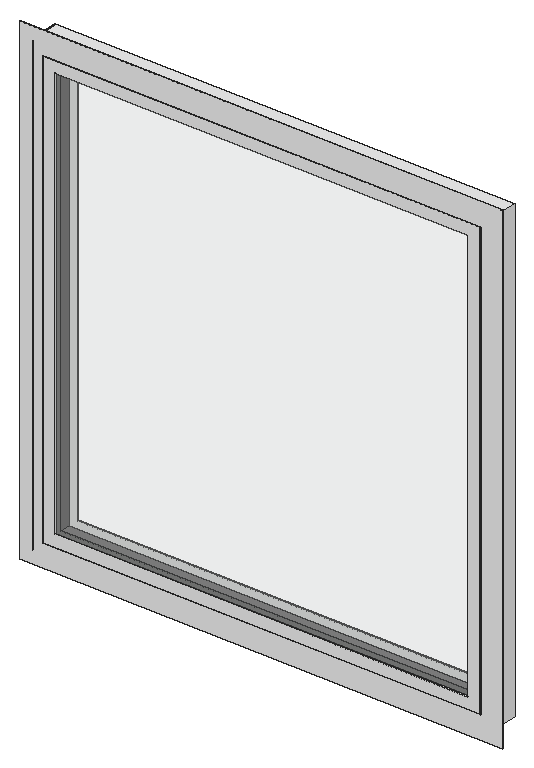
Revit family "Casement_36_F_Top_Hung_Custom", category Windows, host Wall, Revit 2014
Parameters (values of type "Casement_Sash_DG")
  Width Sash [instance] = 30 mm
  Width Sash Inner = 15 mm
  Width Bead = 15 mm
  Top Hung [instance] = yes
  Side Hung Right [instance] = yes
  Side Hung Left [instance] = yes
  Sash Opening Width [instance] = 600 mm
  Sash Opening Height [instance] = 600.312 mm
  Sash Lip = 15 mm
  Glazing Material [instance] = Glass
  DG Start Piece 2 [instance] = DG End Piece 1 + DG Gasket Thickness  # 25 mm
  DG Start Peice 1 [instance] = (Depth Sash - (2 * DG Glazing Thickness) - DG Gasket Thickness) / 2  # 6.6 mm
  Glazing Offset = 5 mm
  DG Glazing Thickness [instance] = 6.4 mm
  DG Gasket Thickness = 12 mm  # constant formula
  DG Gasket Material [instance] = Double Glazing Gasket Material
  DG End Piece 2 [instance] = DG Start Piece 2 + DG Glazing Thickness  # 31.4 mm
  DG End Piece 1 [instance] = DG Start Peice 1 + DG Glazing Thickness  # 13 mm
  Depth Sash [instance] = 38 mm
  Center Vertical Sash [instance] = Sash Opening Height / 2  # 300.156 mm
  Center Horizontal Sash [instance] = Sash Opening Width / 2  # 300 mm
  Bottom Hung [instance] = yes
  Bead Offset = 15 mm
  Aluminium Thickness = 1 mm
  Aluminium Material [instance] = White Powder Coated Aluminium
Reference planes
  plane 1 "Center (Front/Back)": y = 0
  plane 2: z = 0
  plane 3 "Center (Left/Right)": x = 0
Forms (mm)
  Sweep 1, solid, material "White Powder Coated Aluminium" <- "Aluminium Material"
    path origin (16.177, 0, 121.331) x (1, 0, 0) y (0, 0, 1)
      loop
        line (0, 0) -> (600, 0) -> (600, 600.312) -> (0, 600.312) -> (0, 0)
    profile origin (316.177, 0, 121.331) x (0, 0, 1) y (0, -1, 0)
      loop
        line (0, 0) -> (30, 0) -> (30, 1) -> (15, 1) -> (15, 38) -> (-15, 38) -> (-15, 37) -> (0, 37) -> (0, 0)
      loop
        line (14, 1) -> (14, 37) -> (1, 37) -> (1, 1) -> (14, 1)
  Sweep 2, solid, material "White Powder Coated Aluminium" <- "Aluminium Material"
    path origin (0, 0, 0) x (1, 0, 0) y (0, 0, 1)
      loop
        line (31.177, 706.643) -> (31.177, 136.331) -> (601.177, 136.331) -> (601.177, 706.643) -> (31.177, 706.643)
    profile origin (316.177, 0, 706.643) x (0, 0, 1) y (0, -1, 0)
      loop
        line (0, 37) -> (0, 38) -> (-15, 38) -> (-15, 37) -> (0, 37)
  Extrusion 3, solid, material "Glass" <- "Glazing Material"
    sketch origin (0, 0, 0) x (1, 0, 0) y (0, 0, 1)
      loop
        line (36.177, 701.643) -> (36.177, 141.331) -> (596.177, 141.331) -> (596.177, 701.643) -> (36.177, 701.643)
    from 6.6 <- "DG Start Peice 1" to 13 <- "DG End Piece 1"
  Extrusion 4, solid, material "Glass" <- "Glazing Material"
    sketch origin (0, 0, 0) x (1, 0, 0) y (0, 0, 1)
      loop
        line (36.177, 701.643) -> (36.177, 141.331) -> (596.177, 141.331) -> (596.177, 701.643) -> (36.177, 701.643)
    from 31.4 <- "DG End Piece 2" to 25 <- "DG Start Piece 2"
  Sweep 5, solid, material "Double Glazing Gasket Material" <- "DG Gasket Material"
    path origin (0, -13, 0) x (1, 0, 0) y (0, 0, 1)
      loop
        line (36.177, 701.643) -> (36.177, 141.331) -> (596.177, 141.331) -> (596.177, 701.643) -> (36.177, 701.643)
    profile origin (316.177, -13, 701.643) x (0, 0, 1) y (0, -1, 0)
      loop
        line (0, 0) -> (0, 12) -> (-7.96, 12) -> (-7.96, 0) -> (0, 0)
Lines and regions (mm)
  model lines
    curve 1: line (1.177, -38, 736.643) -> (31.177, -38, 706.643)
    curve 2: line (601.177, -38, 706.643) -> (631.177, -38, 736.643)
    curve 3: line (601.177, -38, 136.331) -> (631.177, -38, 106.331)
    curve 4: line (1.177, -38, 106.331) -> (31.177, -38, 136.331)
    curve 5: line (631.177, -37, 736.643) -> (616.177, -37, 721.643)
    curve 6: line (1.177, -37, 736.643) -> (16.177, -37, 721.643)
    curve 7: line (1.177, -37, 106.331) -> (16.177, -37, 121.331)
    curve 8: line (631.177, -37, 106.331) -> (616.177, -37, 121.331)
    curve 9: line (616.177, 0, 121.331) -> (586.177, 0, 151.331)
    curve 10: line (46.177, 0, 151.331) -> (16.177, 0, 121.331)
    curve 11: line (616.177, 0, 721.643) -> (586.177, 0, 691.643)
    curve 12: line (46.177, 0, 691.643) -> (16.177, 0, 721.643)
    curve 13: line (31.177, -38, 691.643) -> (46.177, -38, 691.643)
    curve 14: line (586.177, -38, 691.643) -> (601.177, -38, 691.643)
    curve 15: line (586.177, -38, 151.331) -> (601.177, -38, 151.331)
    curve 16: line (31.177, -38, 151.331) -> (46.177, -38, 151.331)
  model lines, style "GenericModelHiddenLines", visible <- "Top Hung"
    curve 17: line (46.386, -31.4, 690.914) -> (316.177, -31.4, 151.331)
    curve 18: line (316.177, -31.4, 151.331) -> (586.177, -31.4, 691.331)
  model lines, style "GenericModelHiddenLines", visible <- "Bottom Hung"
    curve 19: line (46.177, -31.4, 151.331) -> (316.177, -31.4, 691.331)
    curve 20: line (316.177, -31.4, 691.331) -> (586.177, -31.4, 151.331)
  model lines, style "GenericModelHiddenLines", visible <- "Side Hung Left"
    curve 21: line (46.386, -31.4, 690.914) -> (585.24, -31.4, 421.487)
    curve 22: line (585.24, -31.4, 421.487) -> (46.177, -31.4, 151.331)
  model lines, style "GenericModelHiddenLines", visible <- "Side Hung Right"
    curve 23: line (586.177, -31.4, 691.331) -> (46.177, -31.4, 421.487)
    curve 24: line (46.177, -31.4, 421.487) -> (586.177, -31.4, 151.331)
Dimensions and locks
  "Aluminium Thickness": Sweep 1 sketch curve to Sweep 1 sketch curve  (x4)
  "Depth Sash": Sweep 1 sketch curve to Sweep 1 sketch curve
  "Sash Opening Width": Sweep 1 to Sweep 1
  "Sash Opening Height": Sweep 1 to Sweep 1
  "Width Sash": Sweep 1 sketch curve to Sweep 1 sketch curve  (x2)
  "Width Sash Inner": Sweep 1 sketch curve to Sweep 1 sketch curve
  "Sash Lip": Sweep 1 sketch curve to Sweep 1 sketch curve
  "Aluminium Thickness": Sweep 1 to Sweep 2 sketch curve
  "Glazing Offset": Sweep 2 to Extrusion 3 sketch curve  (x3)
  "Glazing Offset": Extrusion 3 sketch curve to Sweep 2
  Sweep 1 to Sweep 1 = 1 mm
  "Aluminium Thickness": Sweep 2 sketch curve to Sweep 2 sketch curve
  "Width Bead": Sweep 2 sketch curve to Sweep 2 sketch curve
  locked: Sweep 5 sketch curve to Sweep 5 sketch curve at 7.96
  "Center Horizontal Sash": Sweep 1 to curve 18
  "Center Horizontal Sash": Sweep 1 to curve 20
  "Center Vertical Sash": Sweep 1 to curve 22
  "Center Vertical Sash": Sweep 1 to curve 24
  aligned and locked: level to plane 2
  aligned and locked: Sweep 1 sketch curve to Sweep 1 sketch curve  (x2)
  aligned and locked: Sweep 2 sketch curve to Sweep 1  (x5)
  aligned and locked: Extrusion 4 sketch curve to Extrusion 3  (x4)
  aligned and locked: Sweep 5 sketch curve to Extrusion 3  (x5)
  aligned and locked: Extrusion 3 to Sweep 5 sketch curve
Automatic sketch dimensions
  plane 3 "Center (Left/Right)" to Sweep 1 sketch curve = 16.177 mm
  level to Sweep 1 sketch curve = 121.331 mm
  plane 3 "Center (Left/Right)" to Sweep 1 sketch curve = 616.177 mm
  level to Sweep 1 sketch curve = 721.643 mm
  profile plane to Sweep 5 sketch curve = 12 mm
  curve 7 to Sweep 1 = 0 mm  (x4)
  curve 6 to Sweep 1 = 0 mm  (x3)
  Sweep 1 to curve 6 = 0 mm
  curve 5 to Sweep 1 = 0 mm  (x3)
  curve 8 to Sweep 1 = 0 mm  (x4)
  Sweep 1 to curve 5 = 0 mm
  curve 16 to Sweep 2 = 0 mm  (x3)
  curve 13 to Sweep 2 = 0 mm  (x3)
  curve 15 to Sweep 2 = 0 mm
  Sweep 2 to curve 15 = 0 mm  (x2)
  curve 14 to Sweep 2 = 0 mm  (x2)
  Sweep 2 to curve 14 = 0 mm
  curve 1 to Sweep 1 = 0 mm  (x4)
  curve 4 to Sweep 1 = 0 mm  (x3)
  Sweep 1 to curve 4 = 0 mm
  curve 3 to Sweep 1 = 0 mm  (x3)
  curve 2 to Sweep 1 = 0 mm  (x4)
  Sweep 1 to curve 3 = 0 mm
  curve 10 to Sweep 1 = 0 mm  (x4)
  curve 12 to Sweep 1 = 0 mm  (x3)
  Sweep 1 to curve 12 = 0 mm
  curve 9 to Sweep 1 = 0 mm  (x4)
  curve 11 to Sweep 1 = 0 mm  (x3)
  Sweep 1 to curve 11 = 0 mm
  Sweep 1 sketch curve to plane 1 "Center (Front/Back)" = 0 mm
  profile plane to Sweep 1 sketch curve = 0 mm
  curve 21 to Extrusion 4 = 10.208 mm
  curve 19 to Extrusion 4 = 10 mm
  curve 23 to Extrusion 4 = 10 mm  (x2)
  curve 22 to Extrusion 4 = 10.937 mm
  curve 20 to Extrusion 4 = 10 mm
  curve 24 to Extrusion 4 = 10 mm
  curve 22 to Extrusion 4 = 10 mm
  curve 18 to Extrusion 4 = 10 mm
  curve 21 to Extrusion 4 = 10.729 mm
  curve 19 to Extrusion 4 = 10.312 mm
  curve 18 to Extrusion 4 = 10.312 mm
